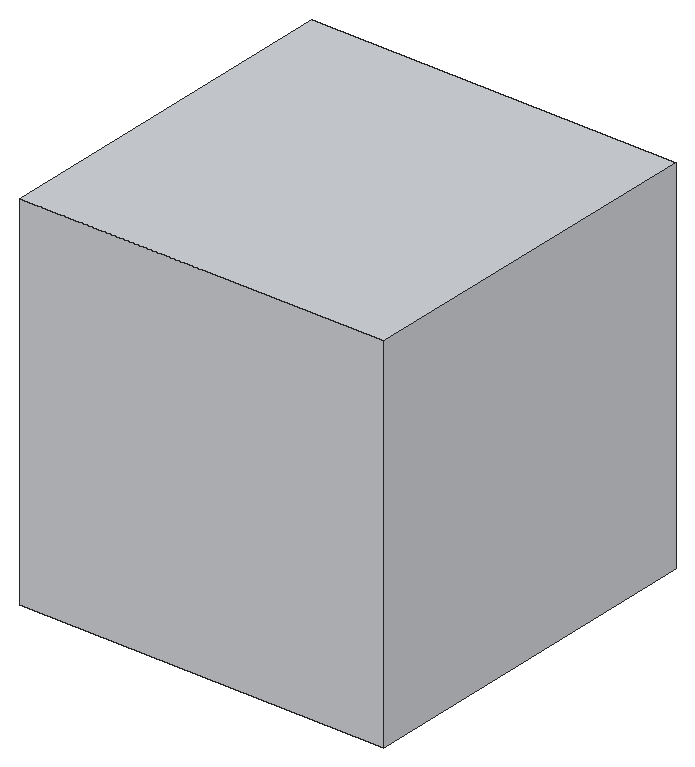
Revit family "Chiclet Family", category Generic Models, Revit 2018
Family settings
  Can host rebar = No
  Round Connector Dimension = Use Diameter
  Part Type = Normal
  Work Plane-Based = No
  Always vertical = Yes
  Cut with Voids When Loaded = No
  Shared = No
  Room Calculation Point = No
Parameters (values of type "Private Office")
  Width [instance] = 5' - 0"
  Programming - Private Office = yes
  Programming - Open Office = no
  Programming - Bathroom = no
  Program [instance] = ""
  Length [instance] = 5' - 0"
  Height [instance] = 5' - 0"
Types (4): name | Programming - Private Office | Programming - Open Office | Programming - Bathroom
  (no name) | yes | no | no
  Private Office | yes | no | no
  Bathroom | no | no | yes
  Open Office | no | yes | no
Reference planes (in)
  plane 1 "Center (Front/Back)": y = 0
  plane 2: z = 0
  plane 3 "Center (Left/Right)": x = 0
  plane 4: y = -60
  plane 5: x = 60
  plane 6: z = 60
Forms (in)
  Sweep 1, solid, visible <- "Programming - Open Office"
    path origin (0, 0, 0) x (1, 0, 0) y (0, 0, 1)
      loop
        line (0, 0) -> (0, 60)
    profile origin (0, 0, 30) x (-1, 0, 0) y (0, -1, 0)
      loop
        line (0, 0) -> (0, 60) -> (-60, 60) -> (-60, 0) -> (0, 0)
  Sweep 2, solid, visible <- "Programming - Private Office"
    path origin (0, 0, 0) x (1, 0, 0) y (0, 0, 1)
      loop
        line (0, 0) -> (0, 60)
    profile origin (0, 0, 30) x (-1, 0, 0) y (0, -1, 0)
      loop
        line (0, 0) -> (0, 60) -> (-60, 60) -> (-60, 0) -> (0, 0)
  Sweep 3, solid, visible <- "Programming - Bathroom"
    path origin (0, 0, 0) x (1, 0, 0) y (0, 0, 1)
      loop
        line (0, 0) -> (0, 60)
    profile origin (0, 0, 30) x (-1, 0, 0) y (0, -1, 0)
      loop
        line (0, 0) -> (0, 60) -> (-60, 60) -> (-60, 0) -> (0, 0)
Dimensions and locks (in)
  "Height": plane 6 to level
  "Width": plane 3 "Center (Left/Right)" to plane 5
  "Length": plane 1 "Center (Front/Back)" to plane 4
  aligned and locked: plane 2 to level
  aligned and locked: Sweep 1 sketch curve to plane 4
  aligned and locked: Sweep 1 sketch curve to plane 5
  aligned and locked: plane 6 to Sweep 1 sketch curve
  aligned and locked: level to Sweep 1 sketch curve
  aligned and locked: plane 1 "Center (Front/Back)" to Sweep 1 sketch curve
  aligned and locked: Sweep 1 sketch curve to plane 3 "Center (Left/Right)"
Automatic sketch dimensions
  Sweep 1 sketch curve to plane 3 "Center (Left/Right)" = 0' - 0"
  Sweep 2 sketch curve to plane 3 "Center (Left/Right)" = 0' - 0"
  Sweep 2 sketch curve to level = 0' - 0"
  Sweep 2 sketch curve to plane 6 = 0' - 0"
  plane 1 "Center (Front/Back)" to Sweep 2 sketch curve = 0' - 0"
  Sweep 2 sketch curve to profile plane = 0' - 0"
  Sweep 2 sketch curve to Sweep 2 sketch curve = 5' - 0"  (x2)
  Sweep 3 sketch curve to plane 3 "Center (Left/Right)" = 0' - 0"
  Sweep 3 sketch curve to level = 0' - 0"
  Sweep 3 sketch curve to plane 6 = 0' - 0"
  plane 1 "Center (Front/Back)" to Sweep 3 sketch curve = 0' - 0"
  Sweep 3 sketch curve to profile plane = 0' - 0"
  Sweep 3 sketch curve to Sweep 3 sketch curve = 5' - 0"  (x2)
